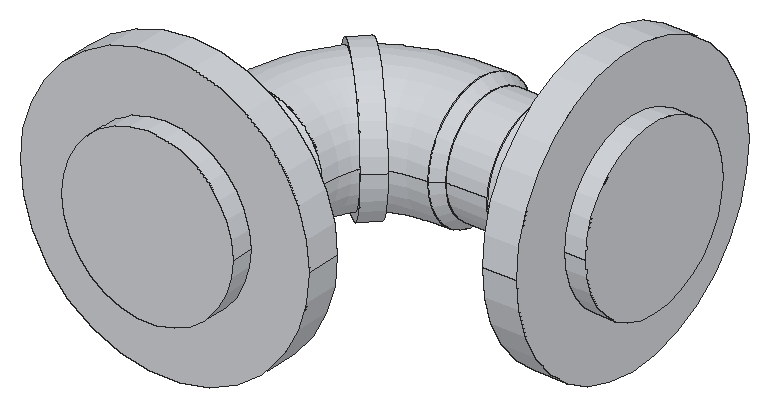
Revit family "エルボフレックス 32A-80A", category Pipe Fittings, Revit 2024
Family settings
  Round Connector Dimension = Use Diameter
  Part Type = Elbow
  Work Plane-Based = No
  Always vertical = Yes
  Cut with Voids When Loaded = No
  Shared = No
Parameters
  W1 [instance] = size_lookup("エルボフレックス", "W1", 15 mm, DN)  # 3 mm
  W [instance] = size_lookup("エルボフレックス", "W", 15 mm, DN)  # 120 mm
  L3 [instance] = size_lookup("エルボフレックス", "L3", 15 mm, DN)  # 20 mm
  L2 [instance] = size_lookup("エルボフレックス", "L2", 15 mm, DN)  # 15 mm
  L1 [instance] = size_lookup("エルボフレックス", "L1", 15 mm, DN)  # 16 mm
  L [instance] = size_lookup("エルボフレックス", "L", 15 mm, DN)  # 140 mm
  Default Elevation = 0 mm
  DN [instance] = 32 mm
Reference planes
  plane 1 "Center (Front/Back)": y = 0
  plane 2: z = 0
  plane 3 "Center (Left/Right)": x = 0
  plane 4: y = 30
  plane 5: y = -30
  plane 6: through (19.395, -10.411, 1200) normal (-0.7071, 0.7071, 0)
  plane 7: through (43.436, -34.453, 1200) normal (0.7071, -0.7071, 0)
  plane 8: through (-11.718, 6.559, 1200) normal (-0.7071, 0.7071, 0)
Forms (mm)
  Extrusion 1, solid
    sketch origin (0, 0, 0) x (0, 1, 0) y (0, 0, 1)
      loop
        circle (0, 0) r 40
    from 130 to 140
  Extrusion 2, solid
    sketch origin (0, 0, 0) x (1, 0, 0) y (0, 0, 1)
      loop
        circle (0, 0) r 40
    from 110 to 120
  Extrusion 3, solid
    sketch origin (0, 0, 0) x (0, 1, 0) y (0, 0, 1)
      loop
        circle (0, 0) r 67.5
    from 114 to 130
  SweptBlend 4, solid
    path origin (0, 0, 0) x (1, 0, 0) y (0, 1, 0)
      loop
        line (109, 0) -> (114, 0)
    profile origin (109, 0, 0) x (0, 1, 0) y (0, 0, 1)
      loop
        circle (0, 0) r 25
    end profile origin (114, 0, 0) x (0, 1, 0) y (0, 0, 1)
      loop
        circle (0, 0) r 30
  SweptBlend 5, solid
    path origin (0, 0, 0) x (1, 0, 0) y (0, 1, 0)
      loop
        line (109, 0) -> (94, 0)
    profile origin (109, 0, 0) x (0, -1, 0) y (0, 0, 1)
      loop
        circle (0, 0) r 25
    end profile origin (94, 0, 0) x (0, -1, 0) y (0, 0, 1)
      loop
        circle (0, 0) r 26.5
  SweptBlend 6, solid
    path origin (0, 0, 0) x (1, 0, 0) y (0, 1, 0)
      loop
        line (94, 0) -> (91.871, 0)
    profile origin (94, 0, 0) x (0, -1, 0) y (0, 0, 1)
      loop
        circle (0, 0) r 26.5
    end profile origin (91.871, 0, 0) x (0, -1, 0) y (0, 0, 1)
      loop
        circle (0, 0) r 30
  Extrusion 7, solid
    sketch origin (0, 0, 0) x (0, 1, 0) y (0, 0, 1)
      loop
        circle (0, 0) r 30
    from 86.129 to 91.871
  SweptBlend 8, solid
    path origin (178, 0, 0) x (-1, 0, 0) y (0, -1, 0)
      loop
        line (94, 0) -> (91.871, 0)
    profile origin (84, 0, 0) x (0, 1, 0) y (0, 0, 1)
      loop
        circle (0, 0) r 26.5
    end profile origin (86.129, 0, 0) x (0, 1, 0) y (0, 0, 1)
      loop
        circle (0, 0) r 30
  Extrusion 9, solid
    sketch origin (0, 0, 0) x (0, 1, 0) y (0, 0, 1)
      loop
        circle (0, 0) r 26.5
    from 64 to 84
  SweptBlend 10, solid
    path origin (0, 0, 0) x (1, 0, 0) y (0, 1, 0)
      loop
        line (64, 0) -> (58.912, 0)
    profile origin (64, 0, 0) x (0, -1, 0) y (0, 0, 1)
      loop
        circle (0, 0) r 26.5
    end profile origin (58.912, 0, 0) x (0, -1, 0) y (0, 0, 1)
      loop
        circle (0, 0) r 30.5
  SweptBlend 11, solid
    path origin (0, 0, 0) x (1, 0, 0) y (0, 1, 0)
      loop
        spline (58.912, 0) -> (49.503, -0.388) -> (40.911, -1.553) -> (33.138, -3.495) -> (26.183, -6.212) -> (20.047, -9.707) -> (14.728, -13.978) -> (10.228, -19.026) -> (6.546, -24.85) -> (3.682, -31.451) -> (1.636, -38.828) -> (0.409, -46.982) -> (0, -55.912)
    profile origin (58.912, 0, 0) x (0, -1, 0) y (0, 0, 1)
      loop
        circle (0, 0) r 30.5
    end profile origin (0, -55.912, 0) x (1, 0, 0) y (0, 0, 1)
      loop
        circle (0, 0) r 30.5
  SweptBlend 12, solid
    path origin (3.591, -3.079, 0) x (1, 0, 0) y (0, 1, 0)
      loop
        line (15.803, -7.332) -> (8.732, -14.403)
    profile origin (19.395, -10.411, 0) x (0.707107, -0.707107, 0) y (0, 0, 1)
      loop
        circle (0, 0) r 34
    end profile origin (12.324, -17.482, 0) x (0.707107, -0.707107, 0) y (0, 0, 1)
      loop
        circle (0, 0) r 34
  SweptBlend 13, solid
    path origin (0, 0, 0) x (1, 0, 0) y (0, 1, 0)
      loop
        line (0, -55.912) -> (0, -61)
    profile origin (0, -55.912, 0) x (1, 0, 0) y (0, 0, 1)
      loop
        circle (0, 0) r 30.5
    end profile origin (0, -61, 0) x (1, 0, 0) y (0, 0, 1)
      loop
        circle (0, 0) r 26.5
  Extrusion 14, solid
    sketch origin (0, 0, 0) x (1, 0, 0) y (0, 0, 1)
      loop
        circle (0, 0) r 26.5
    from 61 to 64
  SweptBlend 15, solid
    path origin (0, 0, 0) x (1, 0, 0) y (0, 1, 0)
      loop
        line (0, -64) -> (0, -66.129)
    profile origin (0, -64, 0) x (1, 0, 0) y (0, 0, 1)
      loop
        circle (0, 0) r 26.5
    end profile origin (0, -66.129, 0) x (1, 0, 0) y (0, 0, 1)
      loop
        circle (0, 0) r 30
  Extrusion 16, solid
    sketch origin (0, 0, 0) x (1, 0, 0) y (0, 0, 1)
      loop
        circle (0, 0) r 30
    from 66.129 to 69.129
  SweptBlend 17, solid
    path origin (0, 0, 0) x (1, 0, 0) y (0, 1, 0)
      loop
        line (0, -69.129) -> (0, -74)
    profile origin (0, -69.129, 0) x (1, 0, 0) y (0, 0, 1)
      loop
        circle (0, 0) r 30
    end profile origin (0, -74, 0) x (1, 0, 0) y (0, 0, 1)
      loop
        circle (0, 0) r 26.5
  SweptBlend 18, solid
    path origin (0, 0, 0) x (1, 0, 0) y (0, 1, 0)
      loop
        line (0, -74) -> (0, -89)
    profile origin (0, -74, 0) x (1, 0, 0) y (0, 0, 1)
      loop
        circle (0, 0) r 26.5
    end profile origin (0, -89, 0) x (1, 0, 0) y (0, 0, 1)
      loop
        circle (0, 0) r 25
  SweptBlend 19, solid
    path origin (0, 0, 0) x (1, 0, 0) y (0, 1, 0)
      loop
        line (0, -89) -> (0, -94)
    profile origin (0, -89, 0) x (1, 0, 0) y (0, 0, 1)
      loop
        circle (0, 0) r 25
    end profile origin (0, -94, 0) x (1, 0, 0) y (0, 0, 1)
      loop
        circle (0, 0) r 30
  Extrusion 20, solid
    sketch origin (0, 0, 0) x (1, 0, 0) y (0, 0, 1)
      loop
        circle (0, 0) r 67.5
    from 94 to 110
Dimensions and locks
  equal spacing: plane 7, plane 6, plane 8
  "W": Extrusion 2 to plane 1 "Center (Front/Back)"
  "L": plane 3 "Center (Left/Right)" to Extrusion 1
  locked: Extrusion 3 to Extrusion 1 at 10
  locked: Extrusion 2 to Extrusion 20 at 10
  "L1": Extrusion 3 to Extrusion 3
  "L1": Extrusion 20 to Extrusion 20
  "L2": SweptBlend 5 sketch curve to SweptBlend 5 sketch curve
  "L2": SweptBlend 18 sketch curve to SweptBlend 18 sketch curve
  "L3": SweptBlend 10 to Extrusion 9
  "W1": Extrusion 16 to SweptBlend 17
  aligned and locked: level to plane 2
  aligned and locked: Extrusion 3 to Extrusion 1  (x2)
  aligned and locked: SweptBlend 10 to SweptBlend 11
  aligned and locked: plane 8 to SweptBlend 12
  aligned and locked: plane 7 to SweptBlend 12
  aligned and locked: SweptBlend 11 to SweptBlend 11
  aligned and locked: SweptBlend 11 to SweptBlend 13
  aligned and locked: Extrusion 14 to SweptBlend 13
  aligned and locked: SweptBlend 15 to Extrusion 14
  aligned and locked: Extrusion 16 to SweptBlend 15
  aligned and locked: Extrusion 16 to SweptBlend 17
  aligned and locked: SweptBlend 19 to SweptBlend 18  (x2)
  aligned and locked: SweptBlend 15 to SweptBlend 15
  aligned and locked: Extrusion 2 to Extrusion 20
  aligned and locked: SweptBlend 4 to Extrusion 3
  aligned and locked: Extrusion 3 to SweptBlend 4 sketch curve
  aligned and locked: SweptBlend 5 to SweptBlend 4 sketch curve
  aligned and locked: SweptBlend 6 to SweptBlend 5 sketch curve
  aligned and locked: Extrusion 9 to SweptBlend 8 sketch curve
  aligned and locked: Extrusion 7 to SweptBlend 8 sketch curve
  aligned and locked: Extrusion 7 to SweptBlend 6 sketch curve
  aligned and locked: Extrusion 9 to SweptBlend 10 sketch curve
  aligned and locked: SweptBlend 11 to SweptBlend 10 sketch curve
  aligned and locked: SweptBlend 11 to SweptBlend 13 sketch curve
  aligned and locked: Extrusion 14 to SweptBlend 13 sketch curve
  aligned and locked: Extrusion 14 to SweptBlend 15 sketch curve
  aligned and locked: Extrusion 16 to SweptBlend 15 sketch curve
  aligned and locked: Extrusion 16 to SweptBlend 17 sketch curve
  aligned and locked: SweptBlend 18 to SweptBlend 17 sketch curve
  aligned and locked: Extrusion 20 to SweptBlend 19 sketch curve
  aligned and locked: SweptBlend 18 to SweptBlend 19 sketch curve
Automatic sketch dimensions
  Extrusion 1 sketch curve to level = 0 mm
  Extrusion 1 sketch curve to plane 1 "Center (Front/Back)" = 0 mm
  Extrusion 2 sketch curve to level = 0 mm
  Extrusion 2 sketch curve to plane 3 "Center (Left/Right)" = 0 mm
  Extrusion 3 sketch curve to level = 0 mm
  Extrusion 3 sketch curve to plane 1 "Center (Front/Back)" = 0 mm
  plane 1 "Center (Front/Back)" to SweptBlend 4 sketch curve = 0 mm
  SweptBlend 4 sketch curve to level = 0 mm  (x2)
  SweptBlend 4 sketch curve to profile plane = 0 mm  (x2)
  SweptBlend 5 sketch curve to level = 0 mm  (x2)
  SweptBlend 5 sketch curve to profile plane = 0 mm  (x2)
  plane 1 "Center (Front/Back)" to SweptBlend 6 sketch curve = 0 mm
  SweptBlend 6 sketch curve to SweptBlend 6 sketch curve = 2.129 mm
  SweptBlend 6 sketch curve to level = 0 mm  (x2)
  SweptBlend 6 sketch curve to profile plane = 0 mm  (x2)
  Extrusion 7 sketch curve to level = 0 mm
  Extrusion 7 sketch curve to plane 1 "Center (Front/Back)" = 0 mm
  plane 1 "Center (Front/Back)" to SweptBlend 8 sketch curve = 0 mm
  SweptBlend 8 sketch curve to level = 0 mm  (x2)
  SweptBlend 8 sketch curve to profile plane = 0 mm  (x2)
  Extrusion 9 sketch curve to level = 0 mm
  Extrusion 9 sketch curve to plane 1 "Center (Front/Back)" = 0 mm
  plane 1 "Center (Front/Back)" to SweptBlend 10 sketch curve = 0 mm
  SweptBlend 10 sketch curve to level = 0 mm  (x2)
  SweptBlend 10 sketch curve to profile plane = 0 mm  (x2)
  SweptBlend 11 sketch curve to plane 3 "Center (Left/Right)" = 0 mm
  plane 1 "Center (Front/Back)" to SweptBlend 11 sketch curve = 0 mm
  plane 3 "Center (Left/Right)" to SweptBlend 11 sketch curve = 58.912 mm
  SweptBlend 11 sketch curve to plane 5 = 25.912 mm
  SweptBlend 11 sketch curve to level = 0 mm  (x2)
  SweptBlend 11 sketch curve to profile plane = 0 mm
  profile plane to SweptBlend 11 sketch curve = 0 mm
  SweptBlend 12 sketch curve to plane 6 = 0 mm  (x2)
  plane 3 "Center (Left/Right)" to SweptBlend 12 sketch curve = 12.324 mm
  plane 1 "Center (Front/Back)" to SweptBlend 12 sketch curve = 10.411 mm
  SweptBlend 12 sketch curve to level = 0 mm  (x2)
  SweptBlend 12 sketch curve to profile plane = 0 mm  (x2)
  SweptBlend 13 sketch curve to plane 3 "Center (Left/Right)" = 0 mm
  SweptBlend 13 sketch curve to level = 0 mm  (x2)
  profile plane to SweptBlend 13 sketch curve = 0 mm  (x2)
  Extrusion 14 sketch curve to level = 0 mm
  Extrusion 14 sketch curve to plane 3 "Center (Left/Right)" = 0 mm
  SweptBlend 15 sketch curve to plane 3 "Center (Left/Right)" = 0 mm
  SweptBlend 15 sketch curve to level = 0 mm  (x2)
  profile plane to SweptBlend 15 sketch curve = 0 mm  (x2)
  Extrusion 16 sketch curve to level = 0 mm
  Extrusion 16 sketch curve to plane 3 "Center (Left/Right)" = 0 mm
  SweptBlend 17 sketch curve to plane 3 "Center (Left/Right)" = 0 mm
  SweptBlend 17 sketch curve to level = 0 mm  (x2)
  profile plane to SweptBlend 17 sketch curve = 0 mm  (x2)
  SweptBlend 18 sketch curve to level = 0 mm  (x2)
  profile plane to SweptBlend 18 sketch curve = 0 mm  (x2)
  SweptBlend 19 sketch curve to plane 3 "Center (Left/Right)" = 0 mm
  SweptBlend 19 sketch curve to level = 0 mm  (x2)
  profile plane to SweptBlend 19 sketch curve = 0 mm  (x2)
  Extrusion 20 sketch curve to level = 0 mm
  Extrusion 20 sketch curve to plane 3 "Center (Left/Right)" = 0 mm
  plane 1 "Center (Front/Back)" to SweptBlend 5 sketch curve = 0 mm
  SweptBlend 18 sketch curve to plane 3 "Center (Left/Right)" = 0 mm
  SweptBlend 18 sketch curve to plane 5 = 59 mm
  radius of Extrusion 1 sketch curve = 40 mm
  radius of Extrusion 2 sketch curve = 40 mm
  radius of Extrusion 3 sketch curve = 67.5 mm
  radius of SweptBlend 4 sketch curve = 25 mm
  radius of SweptBlend 4 sketch curve = 30 mm
  radius of SweptBlend 5 sketch curve = 25 mm
  radius of SweptBlend 5 sketch curve = 26.5 mm
  radius of SweptBlend 6 sketch curve = 26.5 mm
  radius of SweptBlend 6 sketch curve = 30 mm
  radius of Extrusion 7 sketch curve = 30 mm
  radius of SweptBlend 8 sketch curve = 26.5 mm
  radius of SweptBlend 8 sketch curve = 30 mm
  radius of Extrusion 9 sketch curve = 26.5 mm
  radius of SweptBlend 10 sketch curve = 26.5 mm
  radius of SweptBlend 10 sketch curve = 30.5 mm
  radius of SweptBlend 11 sketch curve = 30.5 mm  (x2)
  radius of SweptBlend 12 sketch curve = 34 mm  (x2)
  radius of SweptBlend 13 sketch curve = 30.5 mm
  radius of SweptBlend 13 sketch curve = 26.5 mm
  radius of Extrusion 14 sketch curve = 26.5 mm
  radius of SweptBlend 15 sketch curve = 26.5 mm
  radius of SweptBlend 15 sketch curve = 30 mm
  radius of Extrusion 16 sketch curve = 30 mm
  radius of SweptBlend 17 sketch curve = 30 mm
  radius of SweptBlend 17 sketch curve = 26.5 mm
  radius of SweptBlend 18 sketch curve = 26.5 mm
  radius of SweptBlend 18 sketch curve = 25 mm
  radius of SweptBlend 19 sketch curve = 25 mm
  radius of SweptBlend 19 sketch curve = 30 mm
  radius of Extrusion 20 sketch curve = 67.5 mm
Connectors
  piping at (0, -110, 0), diameter 32, driven by "DN"
    settings: on Extrusion 2, index 1, connector inside diameter 609.6 mm, connector length 0 mm, flow factor 0, pipe flow 0.0 L/s, pressure drop 0.0 Pa, fitting loss kfactor 0, connector angle 0.00°, fixture units 0, engagement length 0 mm, angle of deflection 0.00°, flow configuration 0, flow direction 0, fitting loss method 0, system type 7, joint type 0, gender type 0, connector reference index -1, connector utility 0, adjustable connector no, is connector primary yes, connector description ""
  piping at (130, 0, 0), diameter 32, driven by "DN"
    settings: on Extrusion 1, index 2, connector inside diameter 609.6 mm, connector length 0 mm, flow factor 0, pipe flow 0.0 L/s, pressure drop 0.0 Pa, fitting loss kfactor 0, connector angle 0.00°, fixture units 0, engagement length 0 mm, angle of deflection 0.00°, flow configuration 0, flow direction 0, fitting loss method 0, system type 7, joint type 0, gender type 0, connector reference index -1, connector utility 0, adjustable connector no, is connector primary no, connector description ""
